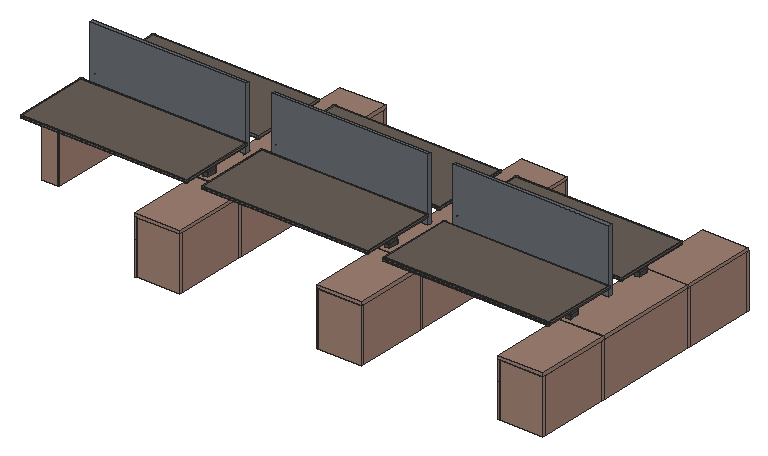
Revit family "T200198", category Furniture, Revit 2015 (continued)
Definition of nested family "STAKS CROSS RAIL BASIC POWER Double Sided Three Circuit"
  Automatic sketch dimensions
    Extrusion 9 sketch curve to Extrusion 9 sketch curve = 0.01954"  (x2)
    Extrusion 9 sketch curve to Extrusion 9 sketch curve = 0.10014"  (x2)
    Extrusion 9 sketch curve to Extrusion 9 sketch curve = 0.0228"  (x2)
    Extrusion 9 sketch curve to plane 15 = 0.37235"
    plane 15 to Extrusion 9 sketch curve = 0.13863"
    plane 4 to Extrusion 9 sketch curve = 1.875"  (x2)
    Extrusion 9 sketch curve to Extrusion 9 sketch curve = 0.10"  (x2)
    Extrusion 9 sketch curve to Extrusion 9 sketch curve = 0.63238"
    Extrusion 9 sketch curve to Extrusion 9 sketch curve = 0.02294"
    Extrusion 10 sketch curve to Extrusion 10 sketch curve = 0.00"  (x16)
    plane 33 to Extrusion 10 sketch curve = 0.00"
    plane 32 to Extrusion 10 sketch curve = 0.00"
    plane 19 to Extrusion 10 sketch curve = 0.81172"
    Extrusion 10 sketch curve to plane 33 = 0.0625"
    Extrusion 10 sketch curve to plane 33 = 0.1961"  (x2)
    Extrusion 10 sketch curve to Extrusion 10 sketch curve = 0.0625"  (x3)
    Extrusion 10 sketch curve to Extrusion 10 sketch curve = 0.14063"
    Extrusion 10 sketch curve to Extrusion 10 sketch curve = 0.14062"  (x3)
    plane 32 to Extrusion 10 sketch curve = 0.39922"  (x2)
    Extrusion 10 sketch curve to Extrusion 10 sketch curve = 0.125"  (x4)
    Extrusion 10 sketch curve to Extrusion 10 sketch curve = 0.00885"  (x2)
    Extrusion 10 sketch curve to Extrusion 10 sketch curve = 0.00024"  (x4)
    Extrusion 10 sketch curve to Extrusion 10 sketch curve = 0.01562"  (x2)
    Extrusion 10 sketch curve to Extrusion 10 sketch curve = 0.01563"  (x2)
    Extrusion 10 sketch curve to Extrusion 10 sketch curve = 0.00654"  (x2)
    Extrusion 10 sketch curve to Extrusion 10 sketch curve = 0.0926"  (x3)
    Extrusion 10 sketch curve to Extrusion 10 sketch curve = 0.01543"  (x4)
    Extrusion 10 sketch curve to Extrusion 10 sketch curve = 0.48289"  (x2)
    plane 31 to Extrusion 11 sketch curve = 0.5313"
    plane 19 to Extrusion 11 sketch curve = 1.53619"
    Extrusion 12 sketch curve to plane 1 "Center (Front/Back)" = 0.00"  (x2)
    plane 4 to Extrusion 12 sketch curve = 1.98014"
    plane 1 "Center (Front/Back)" to Extrusion 12 sketch curve = 0.10561"
    Extrusion 12 sketch curve to Extrusion 12 sketch curve = 0.05878"  (x2)
    plane 1 "Center (Front/Back)" to Extrusion 12 sketch curve = 0.56603"
    Extrusion 12 sketch curve to Extrusion 12 sketch curve = 0.02458"  (x2)
    Extrusion 12 sketch curve to Extrusion 12 sketch curve = 0.02775"  (x2)
    Extrusion 12 sketch curve to Extrusion 12 sketch curve = 0.02814"  (x2)
    Extrusion 12 sketch curve to plane 1 "Center (Front/Back)" = 0.10561"
    Extrusion 12 sketch curve to plane 1 "Center (Front/Back)" = 0.56603"
    Extrusion 12 sketch curve to Extrusion 12 sketch curve = 0.00529"
    Extrusion 12 sketch curve to Extrusion 12 sketch curve = 0.02224"  (x2)
    Extrusion 12 sketch curve to Extrusion 12 sketch curve = 0.02753"
    Extrusion 12 sketch curve to Extrusion 12 sketch curve = 0.00969"  (x2)
    Extrusion 12 sketch curve to Extrusion 12 sketch curve = 0.096"
    Extrusion 12 sketch curve to Extrusion 12 sketch curve = 0.12078"  (x2)
    Extrusion 12 sketch curve to Extrusion 12 sketch curve = 0.17531"  (x2)
    Extrusion 12 sketch curve to Extrusion 12 sketch curve = 0.02752"  (x2)
    Extrusion 12 sketch curve to Extrusion 12 sketch curve = 0.40998"
    Extrusion 12 sketch curve to Extrusion 12 sketch curve = 0.00"
    Extrusion 12 sketch curve to Extrusion 12 sketch curve = 0.09356"  (x2)
    Extrusion 13 sketch curve to plane 41 = 0.29039"
    Extrusion 13 sketch curve to plane 41 = 0.32576"
    plane 4 to Extrusion 13 sketch curve = 2.00319"
    Extrusion 13 sketch curve to Extrusion 13 sketch curve = 0.05701"
    Extrusion 13 sketch curve to Extrusion 13 sketch curve = 0.0537"
    Extrusion 13 sketch curve to Extrusion 13 sketch curve = 0.0963"
    Extrusion 13 sketch curve to plane 33 = 0.11622"
    Extrusion 13 sketch curve to plane 33 = 0.25829"
    Extrusion 13 sketch curve to Extrusion 13 sketch curve = 0.04291"
    Extrusion 13 sketch curve to Extrusion 13 sketch curve = 0.06852"
    Extrusion 13 sketch curve to Extrusion 13 sketch curve = 0.14662"
    Extrusion 13 sketch curve to Extrusion 13 sketch curve = 0.08504"
    Extrusion 13 sketch curve to Extrusion 13 sketch curve = 0.04427"
    Extrusion 14 sketch curve to plane 32 = 0.36951"
    Extrusion 14 sketch curve to plane 32 = 0.2588"
    plane 4 to Extrusion 14 sketch curve = 1.6227"
    Extrusion 14 sketch curve to Extrusion 14 sketch curve = 0.03538"
    Extrusion 14 sketch curve to Extrusion 14 sketch curve = 0.0537"
    Extrusion 14 sketch curve to Extrusion 14 sketch curve = 0.0963"
    plane 32 to Extrusion 14 sketch curve = 0.11881"
    plane 32 to Extrusion 14 sketch curve = 0.26088"
    Extrusion 14 sketch curve to Extrusion 14 sketch curve = 0.04427"
    Extrusion 14 sketch curve to Extrusion 14 sketch curve = 0.12931"
    Extrusion 14 sketch curve to Extrusion 14 sketch curve = 0.14662"
    Extrusion 14 sketch curve to Extrusion 14 sketch curve = 0.06164"
    Extrusion 14 sketch curve to Extrusion 14 sketch curve = 0.10456"
    plane 29 to Extrusion 15 sketch curve = 0.00"
    plane 19 to Extrusion 15 sketch curve = 0.52525"
    Extrusion 15 sketch curve to plane 29 = 0.37191"  (x2)
    plane 41 to Extrusion 15 sketch curve = 0.208"
    Extrusion 15 sketch curve to Extrusion 15 sketch curve = 1.01094"  (x2)
    Extrusion 16 sketch curve to plane 38 = 0.00"
    plane 4 to Extrusion 16 sketch curve = 1.77364"
    Extrusion 16 sketch curve to Extrusion 16 sketch curve = 0.37191"  (x2)
    Extrusion 16 sketch curve to plane 38 = 0.542"
    Extrusion 16 sketch curve to Extrusion 16 sketch curve = 1.01094"
    plane 19 to Extrusion 16 sketch curve = 0.52525"
    plane 29 to Extrusion 17 sketch curve = 0.00"
    Extrusion 17 sketch curve to plane 38 = 0.00"
    plane 19 to Extrusion 17 sketch curve = 0.58111"
    Extrusion 17 sketch curve to plane 41 = 0.19353"
    Extrusion 17 sketch curve to plane 41 = 0.21308"
    Extrusion 17 sketch curve to plane 41 = 0.3051"
    Extrusion 17 sketch curve to plane 41 = 0.30563"
    Extrusion 17 sketch curve to plane 32 = 0.35686"
    Extrusion 17 sketch curve to plane 32 = 0.35739"
    Extrusion 17 sketch curve to Extrusion 17 sketch curve = 0.09255"
    Extrusion 17 sketch curve to Extrusion 17 sketch curve = 0.11157"
    Extrusion 17 sketch curve to Extrusion 17 sketch curve = 0.41292"  (x2)
    Extrusion 17 sketch curve to Extrusion 17 sketch curve = 1.08434"  (x2)
    Extrusion 17 sketch curve to Extrusion 17 sketch curve = 0.35781"
    Extrusion 18 sketch curve to plane 32 = 0.1445"
    plane 32 to Extrusion 18 sketch curve = 0.22401"
    Extrusion 18 sketch curve to Extrusion 18 sketch curve = 0.01954"  (x2)
    Extrusion 18 sketch curve to Extrusion 18 sketch curve = 0.10014"  (x2)
    Extrusion 18 sketch curve to Extrusion 18 sketch curve = 0.0228"  (x2)
    Extrusion 18 sketch curve to plane 33 = 0.37235"
    plane 33 to Extrusion 18 sketch curve = 0.13863"
    plane 4 to Extrusion 18 sketch curve = 1.00"
    Extrusion 18 sketch curve to Extrusion 18 sketch curve = 0.02294"
    Extrusion 18 sketch curve to Extrusion 18 sketch curve = 0.63238"  (x2)
    Extrusion 18 sketch curve to Extrusion 18 sketch curve = 0.10"  (x2)
    Extrusion 19 sketch curve to plane 11 = 0.00"
    Extrusion 19 sketch curve to plane 45 = 0.17982"  (x2)
    plane 19 to Extrusion 19 sketch curve = 0.52526"
    plane 12 to Extrusion 19 sketch curve = 0.07916"
    plane 4 to Extrusion 19 sketch curve = 1.77363"
    plane 46 to Extrusion 20 sketch curve = 0.1746"
    plane 19 to Extrusion 20 sketch curve = 0.52526"
    Extrusion 20 sketch curve to Extrusion 20 sketch curve = 0.00"
    Extrusion 20 sketch curve to plane 47 = 0.17518"  (x2)
    Extrusion 20 sketch curve to plane 11 = 0.25423"
    plane 50 to Extrusion 20 sketch curve = 0.57452"
    plane 4 to Extrusion 20 sketch curve = 1.77363"
    Extrusion 21 sketch curve to plane 42 = 0.00"  (x2)
    Extrusion 21 sketch curve to plane 11 = 0.00"  (x7)
    plane 42 to Extrusion 21 sketch curve = 0.25"  (x2)
    plane 19 to Extrusion 21 sketch curve = 0.72371"
    Extrusion 21 sketch curve to Extrusion 21 sketch curve = 0.00"  (x5)
    Extrusion 21 sketch curve to Extrusion 21 sketch curve = 0.03401"  (x2)
    Extrusion 21 sketch curve to Extrusion 21 sketch curve = 0.0625"  (x4)
    Extrusion 21 sketch curve to Extrusion 21 sketch curve = 0.125"  (x2)
    Extrusion 21 sketch curve to Extrusion 21 sketch curve = 0.1875"  (x5)
    Extrusion 21 sketch curve to Extrusion 21 sketch curve = 0.04687"
    Extrusion 21 sketch curve to Extrusion 21 sketch curve = 0.04688"  (x3)
    Extrusion 22 sketch curve to plane 45 = 0.15394"
    plane 19 to Extrusion 22 sketch curve = 0.59871"
    plane 11 to Extrusion 22 sketch curve = 0.38868"
    plane 46 to Extrusion 22 sketch curve = 0.14943"  (x2)
    plane 12 to Extrusion 22 sketch curve = 0.07916"
    plane 50 to Extrusion 22 sketch curve = 0.57452"
    plane 4 to Extrusion 22 sketch curve = 1.84707"
    plane 29 to Extrusion 23 sketch curve = 0.00"
    plane 48 to Extrusion 23 sketch curve = 0.17982"  (x2)
    Extrusion 23 sketch curve to plane 19 = 0.52526"
    Extrusion 23 sketch curve to plane 30 = 0.07916"
    Extrusion 23 sketch curve to plane 4 = 1.77363"
    Extrusion 24 sketch curve to plane 49 = 0.1746"
    Extrusion 24 sketch curve to plane 19 = 0.52526"
    Extrusion 24 sketch curve to Extrusion 24 sketch curve = 0.00"
    plane 50 to Extrusion 24 sketch curve = 0.17518"  (x2)
    plane 29 to Extrusion 24 sketch curve = 0.25423"
    Extrusion 24 sketch curve to plane 47 = 0.57452"
    Extrusion 24 sketch curve to plane 4 = 1.77363"
    plane 41 to Extrusion 25 sketch curve = 0.00"  (x2)
    plane 29 to Extrusion 25 sketch curve = 0.00"  (x7)
    Extrusion 25 sketch curve to plane 41 = 0.25"  (x2)
    Extrusion 25 sketch curve to plane 19 = 0.72371"
    Extrusion 25 sketch curve to Extrusion 25 sketch curve = 0.00"  (x5)
    Extrusion 25 sketch curve to Extrusion 25 sketch curve = 0.03401"  (x2)
    Extrusion 25 sketch curve to Extrusion 25 sketch curve = 0.0625"  (x4)
    Extrusion 25 sketch curve to Extrusion 25 sketch curve = 0.125"  (x2)
    Extrusion 25 sketch curve to Extrusion 25 sketch curve = 0.1875"  (x5)
    Extrusion 25 sketch curve to Extrusion 25 sketch curve = 0.04687"
    Extrusion 25 sketch curve to Extrusion 25 sketch curve = 0.04688"  (x3)
    plane 48 to Extrusion 26 sketch curve = 0.15394"
    Extrusion 26 sketch curve to plane 19 = 0.59871"
    Extrusion 26 sketch curve to plane 29 = 0.38868"
    Extrusion 26 sketch curve to plane 49 = 0.14943"  (x2)
    Extrusion 26 sketch curve to plane 30 = 0.07916"
    Extrusion 26 sketch curve to plane 47 = 0.57452"
    Extrusion 26 sketch curve to plane 4 = 1.84707"
    Extrusion 27 sketch curve to plane 1 "Center (Front/Back)" = 0.00"
    plane 19 to Extrusion 27 sketch curve = 1.05899"
    Extrusion 27 sketch curve to Extrusion 27 sketch curve = 0.47722"
    plane 15 to Extrusion 28 sketch curve = 0.15728"
    Extrusion 28 sketch curve to plane 15 = 0.14273"
    Extrusion 28 sketch curve to plane 1 "Center (Front/Back)" = 0.84"
    Extrusion 28 sketch curve to plane 15 = 0.03272"  (x2)
    plane 1 "Center (Front/Back)" to Extrusion 28 sketch curve = 0.65"
    Extrusion 29 sketch curve to plane 14 = 0.15728"
    plane 14 to Extrusion 29 sketch curve = 0.14273"
    plane 1 "Center (Front/Back)" to Extrusion 29 sketch curve = 0.84"
    plane 14 to Extrusion 29 sketch curve = 0.03272"  (x2)
    Extrusion 29 sketch curve to plane 1 "Center (Front/Back)" = 0.65"
    Extrusion 30 sketch curve to plane 12 = 0.00"
    Extrusion 30 sketch curve to plane 13 = 0.00"
    Extrusion 30 sketch curve to plane 1 "Center (Front/Back)" = 0.175"
    plane 12 to Extrusion 30 sketch curve = 0.125"
    Extrusion 30 sketch curve to plane 13 = 0.125"
    plane 1 "Center (Front/Back)" to Extrusion 30 sketch curve = 0.65353"
    Extrusion 31 sketch curve to Extrusion 31 sketch curve = 0.00"  (x2)
    plane 1 "Center (Front/Back)" to Extrusion 31 sketch curve = 0.05"
    Extrusion 31 sketch curve to plane 1 "Center (Front/Back)" = 0.175"
    plane 4 to Extrusion 31 sketch curve = 1.00"
    Extrusion 31 sketch curve to plane 1 "Center (Front/Back)" = 0.05"
    Extrusion 31 sketch curve to Extrusion 31 sketch curve = 0.31054"
    plane 33 to Extrusion 32 sketch curve = 0.15728"
    Extrusion 32 sketch curve to plane 33 = 0.14273"
    plane 1 "Center (Front/Back)" to Extrusion 32 sketch curve = 0.84"
    Extrusion 32 sketch curve to plane 33 = 0.03272"  (x2)
    Extrusion 32 sketch curve to plane 1 "Center (Front/Back)" = 0.65"
    Extrusion 33 sketch curve to plane 32 = 0.15728"
    plane 32 to Extrusion 33 sketch curve = 0.14273"
    Extrusion 33 sketch curve to plane 1 "Center (Front/Back)" = 0.84"
    plane 32 to Extrusion 33 sketch curve = 0.03272"  (x2)
    plane 1 "Center (Front/Back)" to Extrusion 33 sketch curve = 0.65"
    Extrusion 34 sketch curve to plane 30 = 0.00"
    Extrusion 34 sketch curve to plane 31 = 0.00"
    Extrusion 34 sketch curve to plane 31 = 0.125"
    plane 1 "Center (Front/Back)" to Extrusion 34 sketch curve = 0.65353"
    plane 30 to Extrusion 34 sketch curve = 0.125"
    Extrusion 34 sketch curve to plane 1 "Center (Front/Back)" = 0.05"
    Extrusion 35 sketch curve to Extrusion 35 sketch curve = 0.00"  (x2)
    plane 1 "Center (Front/Back)" to Extrusion 35 sketch curve = 0.05"
    plane 4 to Extrusion 35 sketch curve = 1.53554"
    Extrusion 35 sketch curve to plane 1 "Center (Front/Back)" = 0.05"
    Extrusion 35 sketch curve to plane 1 "Center (Front/Back)" = 0.175"
    Extrusion 35 sketch curve to Extrusion 35 sketch curve = 0.31054"
    Extrusion 36 sketch curve to plane 16 = 2.91339"
    Extrusion 36 sketch curve to plane 34 = 2.91339"
    plane 54 to Extrusion 36 sketch curve = 1.00"
    plane 53 to Extrusion 36 sketch curve = 1.00"
    plane 19 to Extrusion 37 sketch curve = 1.01441"
    Extrusion 37 sketch curve to plane 1 "Center (Front/Back)" = 0.67292"
    plane 19 to Extrusion 37 sketch curve = 0.88941"
    Extrusion 37 sketch curve to Extrusion 37 sketch curve = 0.125"  (x2)
    Extrusion 37 sketch curve to plane 57 = 0.00"  (x2)
    plane 1 "Center (Front/Back)" to Extrusion 37 sketch curve = 0.67292"
    Extrusion 38 sketch curve to plane 53 = 0.25"
    Extrusion 38 sketch curve to plane 54 = 0.25"
    radius of Extrusion 2 sketch curve = 0.0625"
    radius of Extrusion 11 sketch curve = 0.0625"
Definition of nested family "STAKS PET WIRE MANAGER to Underside of Cross Rail"
  Parameters (values of type "STAKS PET WIRE MANAGER to Underside of Cross Rail 32in")
    Width = 32.00"
    Wire Manager Material = none
    URL = "http://www.ofs.com/"
    Height Above Floor [instance] = 20.00"
    Height = 5.00"
    Model = "WM-P32CR"
    Manufacturer = "OFS"
    Description = "OFS STAKS PET WIRE MANAGER to Underside of Cross Rail 32\" Width, for use with 54\" Worksurface"
    Depth = 6.00"
    Copyright © = "© 2018 OFS"
    Catalog = "https://ofs.com/products/open-plan/benching/staks"
    Authoring Version = "Autodesk Revit Architecture 2013"
    Assembly Code = "E2020200"
  Types (4): name | Width | Model | Description
    (no name) | 32.00" | "WM-P32CR" | "OFS STAKS PET WIRE MANAGER to Underside of Cross Rail 32\" Width, for use with 54\" Worksurface"
    STAKS PET WIRE MANAGER to Underside of Cross Rail 32in | 32.00" | "WM-P32CR" | "OFS STAKS PET WIRE MANAGER to Underside of Cross Rail 32\" Width, for use with 54\" Worksurface"
    STAKS PET WIRE MANAGER to Underside of Cross Rail 44in | 44.00" | "WM-P44CR" | "OFS STAKS PET WIRE MANAGER to Underside of Cross Rail 44\" Width, for use with 60\" and 66\" Worksurfaces"
    STAKS PET WIRE MANAGER to Underside of Cross Rail 56in | 56.00" | "WM-P56CR" | "OFS STAKS PET WIRE MANAGER to Underside of Cross Rail 56\" Width, for use with 72\" Worksurface"
  Reference planes (in)
    plane 1 "Center (Front/Back)": y = 0
    plane 2: z = 0
    plane 3 "Center (Left/Right)": x = 0
    plane 4: x = 16
    plane 5: x = -16
    plane 6: y = 3
    plane 7: y = -3
    plane 8: z = 15
    plane 9: z = 20
    plane 10: x = -13.75
    plane 11: x = 13.75
    plane 12: z = 15.25
  Forms (in)
    Extrusion 1, solid, material <- "Wire Manager Material"
      sketch origin (0, 0, 0) x (0, 1, 0) y (0, 0, 1)
        loop
          line (-1.16789, 15) -> (1.16789, 15)
          arc (1.16789, 15) -> (1.40707, 15.04758) -> (1.60983, 15.18306) r 0.625
          line (1.60983, 15.18306) -> (3, 16.57322) -> (2.82322, 16.75) -> (1.43306, 15.35983)
          arc (1.43306, 15.35983) -> (1.3114, 15.27855) -> (1.16789, 15.25) r 0.375
          line (1.16789, 15.25) -> (-1.16789, 15.25)
          arc (-1.16789, 15.25) -> (-1.3114, 15.27855) -> (-1.43306, 15.35983) r 0.375
          line (-1.43306, 15.35983) -> (-2.82322, 16.75) -> (-3, 16.57322) -> (-1.60983, 15.18306)
          arc (-1.60983, 15.18306) -> (-1.40707, 15.04758) -> (-1.16789, 15) r 0.625
      from -16 to 16
    Extrusion 2, solid, material <- "Wire Manager Material"
      sketch origin (0, 0, 0) x (1, 0, 0) y (0, 1, 0)
        loop
          circle (-13.75, 0) r 0.375
      from 15.25 to 20
    Extrusion 3, solid, material <- "Wire Manager Material"
      sketch origin (0, 0, 0) x (-1, 0, 0) y (0, -1, 0)
        loop
          circle (-13.75, 0) r 0.375
      from 15.25 to 20
  Dimensions and locks (in)
    equal spacing: plane 5, plane 3 "Center (Left/Right)", plane 4
    "Width": plane 5 to plane 4
    "Depth": plane 6 to plane 7
    equal spacing: plane 7, plane 1 "Center (Front/Back)", plane 6
    "Height": plane 9 to plane 8
    "Height Above Floor": plane 9 to level
    locked: plane 5 to plane 10 at 2.25
    locked: plane 4 to plane 11 at 2.25
    locked: plane 12 to plane 8 at 0.25
    aligned and locked: level to plane 2
    aligned and locked: plane 5 to Extrusion 1
    aligned and locked: plane 4 to Extrusion 1
    aligned and locked: plane 9 to Extrusion 2
    aligned and locked: plane 9 to Extrusion 3
    aligned and locked: Extrusion 3 to plane 12
    aligned and locked: Extrusion 2 to plane 12
  Automatic sketch dimensions
    Extrusion 1 sketch curve to Extrusion 1 sketch curve = 0.00"  (x4)
    Extrusion 1 sketch curve to plane 7 = 0.00"
    Extrusion 1 sketch curve to plane 8 = 0.00"
    Extrusion 1 sketch curve to plane 6 = 0.00"
    plane 8 to Extrusion 1 sketch curve = 0.18306"  (x2)
    Extrusion 1 sketch curve to plane 7 = 0.17678"
    Extrusion 1 sketch curve to plane 7 = 1.39017"
    plane 8 to Extrusion 1 sketch curve = 0.35983"  (x2)
    Extrusion 1 sketch curve to Extrusion 1 sketch curve = 0.17678"
    Extrusion 1 sketch curve to Extrusion 1 sketch curve = 0.26517"  (x2)
    Extrusion 1 sketch curve to plane 1 "Center (Front/Back)" = 1.16789"
    Extrusion 1 sketch curve to plane 6 = 0.17678"
    plane 1 "Center (Front/Back)" to Extrusion 2 sketch curve = 0.00"
    Extrusion 2 sketch curve to plane 10 = 0.00"
    plane 1 "Center (Front/Back)" to Extrusion 3 sketch curve = 0.00"
    Extrusion 3 sketch curve to plane 11 = 0.00"
    radius of Extrusion 2 sketch curve = 0.375"
    radius of Extrusion 3 sketch curve = 0.375"
Definition of nested family "STAKS PET HIGH BACK WIRE MANAGER to Underside of Worksurface"
  Parameters (values of type "STAKS PET HIGH BACK WIRE MANAGER Mounts to Underside of Worksurface 32in")
    Width = 32.00"
    Wire Manager Material = none
    URL = "http://www.ofs.com/"
    Height Above Floor [instance] = 28.50"
    Height = 2.50"
    Model = "WM-P32"
    Manufacturer = "OFS"
    Description = "OFS STAKS PET HIGH BACK WIRE MANAGER Mounts to Underside of Worksurface, 32\" Width"
    Depth = 8.00"
    Copyright © = "© 2018 OFS"
    Catalog = "https://ofs.com/products/open-plan/benching/staks"
    Authoring Version = "Autodesk Revit Architecture 2013"
    Assembly Code = "E2020200"
  Types (5): name | Width | Model | Description
    (no name) | 32.00" | "WM-P32" | "OFS STAKS PET HIGH BACK WIRE MANAGER Mounts to Underside of Worksurface, 32\" Width"
    STAKS PET HIGH BACK WIRE MANAGER Mounts to Underside of Worksurface 32in | 32.00" | "WM-P32" | "OFS STAKS PET HIGH BACK WIRE MANAGER Mounts to Underside of Worksurface, 32\" Width"
    STAKS PET HIGH BACK WIRE MANAGER Mounts to Underside of Worksurface 44in | 44.00" | "WM-P44" | "OFS STAKS PET HIGH BACK WIRE MANAGER Mounts to Underside of Worksurface, 44\" Width"
    STAKS PET HIGH BACK WIRE MANAGER Mounts to Underside of Worksurface 56in | 56.00" | "WM-P56" | "OFS STAKS PET HIGH BACK WIRE MANAGER Mounts to Underside of Worksurface, 56\" Width"
    STAKS PET HIGH BACK WIRE MANAGER Mounts to Underside of Worksurface 68in | 68.00" | "WM-P68" | "OFS STAKS PET HIGH BACK WIRE MANAGER Mounts to Underside of Worksurface, 68\" Width"
  Reference planes (in)
    plane 1 "Center (Front/Back)": y = 0
    plane 2: z = 0
    plane 3 "Center (Left/Right)": x = 0
    plane 4: x = 16
    plane 5: x = -16
    plane 6: y = 4
    plane 7: y = -4
    plane 8: z = 26
    plane 9: z = 28.5
    plane 10: x = -13.75
    plane 11: x = 13.75
    plane 12: z = 26.25
  Forms (in)
    Extrusion 1, solid, material <- "Wire Manager Material"
      sketch origin (0, 0, 0) x (0, 1, 0) y (0, 0, 1)
        loop
          line (2.20861, 28.3125) -> (1.67144, 28.3125)
          arc (1.67144, 28.3125) -> (1.57769, 28.28738) -> (1.50906, 28.21875) r 0.1875
          line (1.50906, 28.21875) -> (0.33476, 26.1848)
          arc (0.33476, 26.1848) -> (0.289, 26.13905) -> (0.2265, 26.1223) r 0.125
          line (0.2265, 26.1223) -> (-2.02381, 26.1223)
          arc (-2.02381, 26.1223) -> (-2.1122, 26.15891) -> (-2.14881, 26.2473) r 0.125
          line (-2.14881, 26.2473) -> (-2.14881, 26.3723) -> (-2.20861, 26.3723) -> (-2.20861, 26.24856)
          arc (-2.20861, 26.24856) -> (-2.15412, 26.117) -> (-2.02255, 26.0625) r 0.18606
          line (-2.02255, 26.0625) -> (0.22494, 26.0625)
          arc (0.22494, 26.0625) -> (0.31869, 26.08762) -> (0.38732, 26.15625) r 0.1875
          line (0.38732, 26.15625) -> (1.56163, 28.1902)
          arc (1.56163, 28.1902) -> (1.60738, 28.23595) -> (1.66988, 28.2527) r 0.125
          line (1.66988, 28.2527) -> (2.20861, 28.2527) -> (2.20861, 28.3125)
      from -16 to 16
  Dimensions and locks (in)
    equal spacing: plane 5, plane 3 "Center (Left/Right)", plane 4
    "Width": plane 5 to plane 4
    "Depth": plane 6 to plane 7
    equal spacing: plane 7, plane 1 "Center (Front/Back)", plane 6
    "Height": plane 9 to plane 8
    "Height Above Floor": plane 9 to level
    locked: plane 5 to plane 10 at 2.25
    locked: plane 4 to plane 11 at 2.25
    locked: plane 12 to plane 8 at 0.25
    aligned and locked: level to plane 2
    aligned and locked: plane 5 to Extrusion 1
    aligned and locked: plane 4 to Extrusion 1
  Automatic sketch dimensions
    Extrusion 1 sketch curve to plane 12 = 0.00144"
    Extrusion 1 sketch curve to plane 7 = 1.79139"
    plane 8 to Extrusion 1 sketch curve = 0.0625"
    Extrusion 1 sketch curve to plane 12 = 0.00"
    Extrusion 1 sketch curve to Extrusion 1 sketch curve = 0.0598"  (x3)
    Extrusion 1 sketch curve to Extrusion 1 sketch curve = 0.00126"
    Extrusion 1 sketch curve to plane 1 "Center (Front/Back)" = 0.22494"
    Extrusion 1 sketch curve to Extrusion 1 sketch curve = 0.00156"  (x2)
    Extrusion 1 sketch curve to plane 12 = 0.0652"
    Extrusion 1 sketch curve to Extrusion 1 sketch curve = 0.10825"
    Extrusion 1 sketch curve to plane 12 = 0.09375"
    Extrusion 1 sketch curve to plane 9 = 0.28125"
    Extrusion 1 sketch curve to plane 1 "Center (Front/Back)" = 1.50906"
    Extrusion 1 sketch curve to plane 9 = 0.3098"
    Extrusion 1 sketch curve to Extrusion 1 sketch curve = 0.05257"
    Extrusion 1 sketch curve to Extrusion 1 sketch curve = 0.10981"
    Extrusion 1 sketch curve to Extrusion 1 sketch curve = 0.53873"
    plane 12 to Extrusion 1 sketch curve = 0.1223"
    Extrusion 1 sketch curve to plane 9 = 0.2473"
